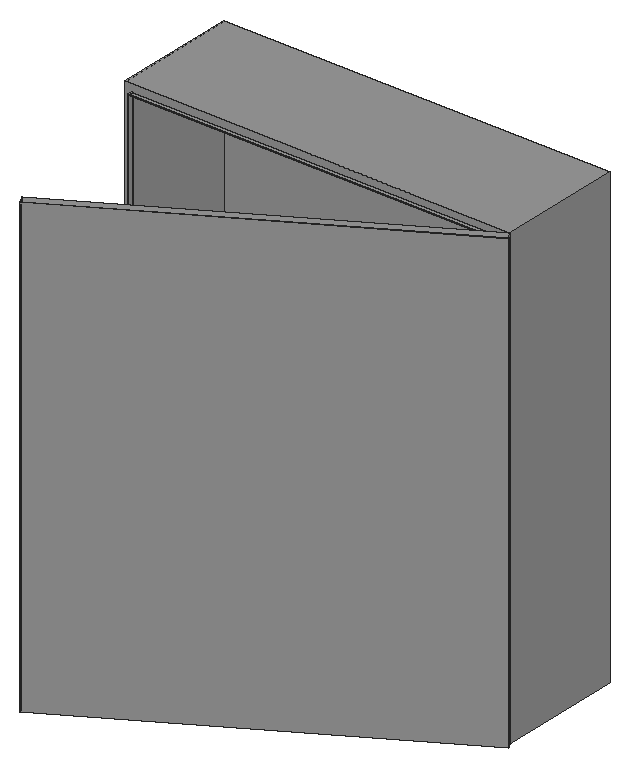
Revit family "Hager-Univers-IP55-D275-H950-Cl.II-Steel_encl-NoHosted-DE-de", category Equipement électrique, Revit 2020
Family settings
  Configuration du panneau = Deux colonnes, circuits au sein
  Cote de connecteur circulaire = Utiliser le diamètre
  Type d'élément = Tableau de raccordement
  Basée sur le plan de construction = Oui
  Toujours verticalement = Oui
  Couper avec des vides une fois chargée = Non
  Partagée = Non
  Point de calcul de pièce = Non
Parameters (values of type "Aufputz IP55 B800 H950 T275  - FR63S")
  Width Control [instance] = if([EF000008 - Breite] > Min Width, [EF000008 - Breite], Min Width)  # 800 mm
  Commentaires du type = [HG000003 - Bereich]  # "Univers"
  Thickness Door [instance] = if([EF009171 - Materialstärke Tür/Deckel] > 3 mm, 3 mm, [EF009171 - Materialstärke Tür/Deckel])  # 1.5 mm
  Seal Frame Offset [instance] = 17 mm  # constant formula
  Plinth Visibility [instance] = [HG000027 - Sockelhöhe] > 0 mm  # no
  Min Width [instance] = 100 mm  # constant formula
  Min Depth [instance] = (2 * [EF009170 - Materialstärke Gehäuse]) + 1 mm  # 4 mm
  Min Height [instance] = 100 mm  # constant formula
  Internal Frame Depth [instance] = (Door System Depth * 0.5)  # 9 mm
  Panel Name [instance] = ""  # (empty or 0)
  Model = ""
  HG000027 - Sockelhöhe = 0 mm
  HG000026 - Stehend auf dem Boden = no
  HG000024 - Höhe des unteren Teils = 600 mm
  HG000023 - Gehäuse mit doppeltem Querschnitt = no
  HG000016 - 3D-Türsichtbarkeit [instance] = yes
  HG000015 - Sichtbarkeit der Türöffnung [instance] = no
  HG000014 - Tür rechts [instance] = yes
  HG000013 - Tür links [instance] = not([HG000014 - Tür rechts])  # no
  HG000012 - Türschwenkwinkel [instance] = 30.00°
  HG000010 - Asymmetrische Türen = no
  HG000009 - Doppelflügeligen Tür = no
  HG000006 - Unterputz = no
  HG000004 - Herstellerreferenz = "FR63S"
  HG000003 - Bereich = "Univers"
  HG000002 - Mit tür = yes
  Frame Offset Bottom [instance] = 10 mm  # constant formula
  Frame Offset [instance] = 15 mm  # constant formula
  EF015940 - Deckel mit Überdruckentlastung = no
  EF011959 - Schutzart (NEMA) = ""
  EF009554 - Anzahl der Öffnungen für Flanschplatten = 6
  EF009212 - Ausführung Deckel = "EV000116 - geschlossen"
  EF009171 - Materialstärke Tür/Deckel = 1.5 mm
  EF009170 - Materialstärke Gehäuse = 1.5 mm
  EF008873 - Nennstrom (In) = 800 A
  EF007800 - Geeignet für Blitzschutz = no
  EF006306 - Mit Schloss = no
  EF006244 - Transparenter Deckel/Tür = no
  EF005474 - Schutzart (IP) = "EV006420 - IP55"
  EF004464 - Art der Tür = "EV002646 - Einzel"
  EF004427 - Anzahl der Module = 216
  EF004293 - Schlagfestigkeit = "EV008784 - IK10"
  EF003532 - Geeignet für Außengebrauch = no
  EF002950 - Breite in Teilungseinheiten = 24
  EF001613 - Funktionserhalt = "EV000494 - ohne"
  EF001596 - Werkstoff des Gehäuses = "EV000179 - Stahl"
  EF001131 - Innentiefe = 275 mm
  EF001088 - Anbaumöglichkeit = yes
  EF000437 - Anzahl der Leitungseinführungen = 6
  EF000339 - Art der Abdeckung = "EV004216 - Tür"
  EF000266 - Anzahl der Reihen = 6
  EF000218 - Einbautiefe = 0 mm
  EF000118 - Mit Montageplatte = no
  EF000116 - RAL-Nummer = "7035"
  EF000049 - Tiefe = 275 mm
  EF000040 - Höhe = 950 mm
  EF000008 - Breite = 800 mm
  EF000007 - Farbe = "EV000270 - grau"
  EF000003 - Montageart = "EV000384 - Aufputz"
  Door System Leaf Tolerance [instance] = 1.5 mm  # constant formula
  Door System Depth [instance] = 18 mm  # constant formula
  Door Height [instance] = Height Control - [HG000027 - Sockelhöhe]  # 950 mm
  Description = ""
  Default Elevation = 1219.2 mm
  Connector Offset [instance] = Height Control / 2  # 475 mm
  Fabricant = "Hager"  # constant formula
  Height Control [instance] = if([EF000040 - Höhe] > Min Height, [EF000040 - Höhe], Min Height)  # 950 mm
  Depth Control [instance] = if([EF000049 - Tiefe] > Min Depth, [EF000049 - Tiefe], Min Depth)  # 275 mm
  Bottom Top Plate Trim [instance] = 1.5 mm  # constant formula
  Plinth height Ctrl [instance] = if([HG000027 - Sockelhöhe] > 0 mm, [HG000027 - Sockelhöhe], 12 mm)  # 12 mm
Types (5, lengths in mm): name | Width Control | HG000010 - Asymmetrische Türen | HG000009 - Doppelflügeligen Tür | HG000004 - Herstellerreferenz | EF009554 - Anzahl der Öffnungen für Flanschplatten | EF004464 - Art der Tür | EF004427 - Anzahl der Module | EF000437 - Anzahl der Leitungseinführungen | EF000008 - Breite
  Aufputz IP55 B1050 H950 T275  - FR64S | 1050 | no | yes | "FR64S" | 8 | "EV003602 - Doppel" | 288 | 8 | 1050
  Aufputz IP55 B1300 H950 T275  - FR65S | 1300 | yes | yes | "FR65S" | 10 | "EV003602 - Doppel" | 360 | 10 | 1300
  Aufputz IP55 B300 H950 T275  - FR61S | 300 | no | no | "FR61S" | 2 | "EV002646 - Einzel" | 72 | 2 | 300
  Aufputz IP55 B550 H950 T275  - FR62S | 550 | no | no | "FR62S" | 4 | "EV002646 - Einzel" | 144 | 4 | 550
  Aufputz IP55 B800 H950 T275  - FR63S | 800 | no | no | "FR63S" | 6 | "EV002646 - Einzel" | 216 | 6 | 800
Reference planes
  plane 1 "Center (Front/Back)": y = 0
  plane 2: z = 0
  plane 3 "Center (Left/Right)": x = 0
  plane 4: y = 0
  plane 5: y = 0
  plane 6: z = 0
  plane 7: x = -400
  plane 8: x = 400
  plane 9: x = 398.5
  plane 10: x = -398.5
  plane 11: z = 0
  plane 12: z = 1.5
  plane 13: y = -275
  plane 14: y = -1.5
  plane 15: x = 0
  plane 16: y = -257
  plane 17: y = -273.5
  plane 18: y = -255.5
  plane 19: x = -383.5
  plane 20: x = 383.5
  plane 21: z = 11.5
  plane 22: x = -383
  plane 23: x = 383
  plane 24: z = 0
  plane 25: z = 950
  plane 26: z = 950
  plane 27: z = 933.5
  plane 28: z = 948.5
Forms (mm)
  Extrusion 1, solid, material "Hager_Steel_RAL7035_Light_Grey", detail levels medium+fine
    sketch origin (-208.679, -4572, 0) x (-1, 0, 0) y (0, -1, 0)
      loop
        line (191.321, -4315) -> (-608.679, -4315) -> (-608.679, -4572) -> (191.321, -4572) -> (191.321, -4315)
    from 0 to 950
  Extrusion 2, void
    sketch origin (-350.771, -275, 1219.2) x (1, 0, 0) y (0, 0, 1)
      loop
        line (-47.729, -270.7) -> (-47.729, -1217.7) -> (749.271, -1217.7) -> (749.271, -270.7) -> (-47.729, -270.7)
    from -19.5 to -273.5
  Extrusion 3, void
    sketch origin (-290.084, -257, 1219.2) x (1, 0, 0) y (0, 0, 1)
      loop
        line (-93.416, -1207.7) -> (673.584, -1207.7) -> (673.584, -285.7) -> (-93.416, -285.7) -> (-93.416, -1207.7)
    from 0 to -1.5
  Extrusion 4, solid, material "Hager_Steel_RAL7035_Light_Grey", visible <- "Plinth Visibility", detail levels medium+fine
    sketch origin (0, 0, 0) x (1, 0, 0) y (0, 1, 0)
      loop
        line (-400, 0) -> (-400, -257) -> (400, -257) -> (400, 0) -> (-400, 0)
    from 0 to 12 <- "Plinth height Ctrl"
  Extrusion 5, solid, material "Hager_Steel_RAL7035_Light_Grey", detail levels coarse
    sketch origin (0, 0, 0) x (1, 0, 0) y (0, 1, 0)
      loop
        line (-400, 0) -> (-400, -275) -> (400, -275) -> (400, 0) -> (-400, 0)
    from 0 to 950 <- "Height Control"
  Sweep 6, void
    path in 3D
      loop
        line (-400, -257, 12) -> (400, -257, 12) -> (400, 0, 12) -> (-400, 0, 12) -> (-400, -257, 12)
    profile origin (-400, -128.5, 12) x (1, 0, 0) y (0, 0, 1)
      loop
        line (0, 0) -> (0, -1.5) -> (1.5, -1.5)
        arc (1.5, -1.5) -> (1.061, -0.439) -> (0, 0) r 1.5
  Extrusion 7, solid, material "Hager_Steel_RAL7035_Light_Grey", detail levels fine
    sketch origin (-400, -257, 0) x (1, 0, 0) y (0, 0, 1)
      loop
        line (16.5, 11.5) -> (783.5, 11.5) -> (783.5, 933.5) -> (16.5, 933.5) -> (16.5, 11.5)
      loop
        line (15, 10) -> (785, 10) -> (785, 935) -> (15, 935) -> (15, 10)
    from 0 to 9 <- "Internal Frame Depth"
Cuts and joins
  Extrusion 2, Extrusion 3 cuts Extrusion 1
  Sweep 6 cuts Extrusion 4
Lines and regions (mm)
  Masking region 1
    outline origin (0, 0, 0) x (1, 0, 0) y (0, 1, 0)
      loop
        line (-400, 0) -> (-400, -275) -> (400, -275) -> (400, 0) -> (-400, 0)
  Masking region 2, detail levels coarse
    outline origin (-290.084, -257, 1219.2) x (-1, 0, 0) y (0, 0, 1)
      loop
        line (-690.084, -1219.2) -> (109.916, -1219.2) -> (109.916, -269.2) -> (-690.084, -269.2) -> (-690.084, -1219.2)
  Masking region 3, detail levels coarse
    outline origin (0, 0, 0) x (0, 1, 0) y (0, 0, 1)
      loop
        line (0, 0) -> (0, 950) -> (-275, 950) -> (-275, 0) -> (0, 0)
  Masking region 4, visible <- "Plinth Visibility", detail levels medium+fine
    outline origin (0, 0, 0) x (0, 1, 0) y (0, 0, 1)
      loop
        line (-1.5, 12) -> (-255.5, 12)
        arc (-255.5, 12) -> (-255.939, 10.939) -> (-257, 10.5) r 1.5
        line (-257, 10.5) -> (-257, 0) -> (0, 0) -> (0, 10.5)
        arc (0, 10.5) -> (-1.061, 10.939) -> (-1.5, 12) r 1.5
  Masking region 5, detail levels medium+fine
    outline origin (0, 0, 594.038) x (0, 1, 0) y (0, 0, 1)
      loop
        line (0, -594.038) -> (0, 355.962) -> (-257, 355.962) -> (-257, -594.038) -> (0, -594.038)
  Masking region 6, detail levels medium+fine
    outline origin (-359.7, -257, 1211.883) x (-1, 0, 0) y (0, 0, 1)
      loop
        line (-759.7, -1211.883) -> (40.3, -1211.883) -> (40.3, -261.883) -> (-759.7, -261.883) -> (-759.7, -1211.883)
  Masking region 7, visible <- "Plinth Visibility", detail levels medium+fine
    outline origin (-320.334, -257, 1041.368) x (-1, 0, 0) y (0, 0, 1)
      loop
        line (-720.334, -1041.368) -> (79.666, -1041.368) -> (79.666, -1030.868)
        arc (79.666, -1030.868) -> (78.606, -1030.429) -> (78.166, -1029.368) r 1.5
        line (78.166, -1029.368) -> (-718.834, -1029.368)
        arc (-718.834, -1029.368) -> (-719.273, -1030.429) -> (-720.334, -1030.868) r 1.5
        line (-720.334, -1030.868) -> (-720.334, -1041.368)
  sketch lines
    curve 1: line (-400, 0, 12) -> (-400, -257, 12)
    curve 2: line (-400, -257, 12) -> (400, -257, 12)
    curve 3: line (400, 0, 12) -> (-400, 0, 12)
    curve 4: line (400, -257, 12) -> (400, 0, 12)
Dimensions and locks
  locked: plane 1 "Center (Front/Back)" to plane 5
  "EF009170 - Materialstärke Gehäuse": plane 7 to plane 10
  "EF009170 - Materialstärke Gehäuse": plane 8 to plane 9
  equal spacing: plane 7, plane 3 "Center (Left/Right)", plane 8
  "Width Control": plane 7 to plane 8
  "Depth Control": plane 4 to plane 13
  "EF009170 - Materialstärke Gehäuse": plane 4 to plane 14
  "Height Control": plane 25 to level
  "HG000027 - Sockelhöhe": plane 11 to level
  "EF009170 - Materialstärke Gehäuse": plane 12 to plane 11
  "EF009170 - Materialstärke Gehäuse": plane 17 to plane 13
  "EF009170 - Materialstärke Gehäuse": plane 18 to plane 16
  "Frame Offset Bottom": plane 21 to plane 12
  "Frame Offset": plane 10 to plane 19
  "Frame Offset": plane 9 to plane 20
  "Door System Depth": plane 16 to plane 13
  "Seal Frame Offset": plane 7 to plane 22
  "Seal Frame Offset": plane 8 to plane 23
  "EF009170 - Materialstärke Gehäuse": plane 26 to plane 28
  "Frame Offset": plane 28 to plane 27
  "Connector Offset": plane 2 to connector elem
  "Bottom Top Plate Trim": profile plane to Sweep 6 sketch curve
  "Bottom Top Plate Trim": Sweep 6 sketch curve to Sweep 6 sketch curve
  "Plinth height Ctrl": Masking region 4 sketch curve to level
  "Plinth height Ctrl": Masking region 7 sketch curve to level
  "Thickness Door": Extrusion 7 sketch curve to Extrusion 7 sketch curve  (x4)
  "Bottom Top Plate Trim": radius of Sweep 6 sketch curve
  "Bottom Top Plate Trim": radius of Masking region 4 sketch curve  (x2)
  "Bottom Top Plate Trim": radius of Masking region 7 sketch curve  (x2)
  aligned and locked: Extrusion 2 sketch curve to plane 12
  aligned and locked: Extrusion 2 sketch curve to plane 9
  aligned and locked: Extrusion 2 sketch curve to plane 10
  aligned and locked: Extrusion 2 to plane 14
  aligned and locked: Extrusion 1 sketch curve to plane 4
  aligned and locked: plane 8 to Extrusion 1 sketch curve
  aligned and locked: plane 7 to Extrusion 1 sketch curve
  aligned and locked: Extrusion 2 to plane 18
  aligned and locked: Extrusion 3 sketch curve to plane 19
  aligned and locked: plane 20 to Extrusion 3 sketch curve
  aligned and locked: Extrusion 3 to Extrusion 2
  aligned and locked: Extrusion 3 sketch curve to plane 21
  aligned and locked: plane 3 "Center (Left/Right)" to nested 1
  aligned and locked: Extrusion 1 sketch curve to plane 16
  aligned and locked: Extrusion 4 sketch curve to cut or joined group of Extrusion 1, Extrusion 2, Extrusion 3
  aligned and locked: Masking region 1 sketch curve to plane 7
  aligned and locked: Masking region 1 sketch curve to plane 5
  aligned and locked: Masking region 1 sketch curve to plane 8
  aligned and locked: Masking region 2 sketch curve to level
  aligned and locked: level to Masking region 3 sketch curve
  aligned and locked: plane 1 "Center (Front/Back)" to Masking region 3 sketch curve
  aligned and locked: plane 13 to Masking region 3 sketch curve
  aligned and locked: plane 5 to Masking region 4 sketch curve
  aligned and locked: Masking region 2 sketch curve to plane 8
  aligned and locked: Masking region 2 sketch curve to plane 7
  aligned and locked: plane 7 to nested 2
  aligned and locked: nested 2 to plane 5
  aligned and locked: plane 5 to Masking region 5 sketch curve
  aligned and locked: plane 26 to Masking region 5 sketch curve
  aligned and locked: Extrusion 5 sketch curve to plane 8
  aligned and locked: Extrusion 5 sketch curve to plane 7
  aligned and locked: Extrusion 5 sketch curve to plane 5
  aligned and locked: Extrusion 3 sketch curve to plane 27
  aligned and locked: Extrusion 2 sketch curve to plane 28
  aligned and locked: Masking region 2 to plane 25
  aligned and locked: Extrusion 4 to plane 16
  aligned and locked: profile plane to Sweep 6 sketch curve
  aligned and locked: Masking region 5 sketch curve to plane 24
  aligned and locked: level to Masking region 4 sketch curve
  aligned and locked: Masking region 1 to plane 13
  aligned and locked: nested 1 to plane 16
  aligned and locked: Masking region 3 to plane 25
  aligned and locked: plane 16 to Masking region 4 sketch curve
  aligned and locked: Masking region 5 sketch curve to plane 16
  aligned and locked: plane 24 to plane 11
  aligned and locked: plane 26 to plane 25
  aligned and locked: plane 26 to cut or joined group of Extrusion 1, Extrusion 2, Extrusion 3
  aligned and locked: nested 1 to plane 24
  aligned and locked: Extrusion 1 to Extrusion 3
  aligned and locked: Masking region 6 sketch curve to plane 8
  aligned and locked: Masking region 6 sketch curve to plane 24
  aligned and locked: Masking region 6 sketch curve to plane 7
  aligned and locked: Masking region 6 sketch curve to plane 26
  aligned and locked: Masking region 7 sketch curve to plane 7
  aligned and locked: level to Masking region 7 sketch curve
  aligned and locked: Masking region 7 sketch curve to plane 8
  aligned and locked: Extrusion 7 sketch curve to cut or joined group of Extrusion 1, Extrusion 2, Extrusion 3  (x4)
Automatic sketch dimensions
  plane 19 to Extrusion 3 sketch curve = 0 mm
  Extrusion 3 sketch curve to plane 20 = 0 mm
  Extrusion 3 sketch curve to plane 21 = 0 mm
  Extrusion 4 sketch curve to plane 7 = 0 mm
  Extrusion 4 sketch curve to plane 8 = 0 mm
  Extrusion 4 sketch curve to plane 16 = 0 mm
  Masking region 1 sketch curve to plane 13 = 0 mm
  Masking region 2 sketch curve to plane 25 = 0 mm
  Masking region 3 sketch curve to plane 25 = 0 mm
  Extrusion 5 sketch curve to plane 13 = 0 mm
  profile plane to Sweep 6 sketch curve = 0 mm
Nested families
  nested 1: "EC000058_Univers_Door" at (0, -257, 0), Double <- "HG000009 - Doppelflügeligen Tür", Transparent <- "EF006244 - Transparenter Deckel/Tür", Angle <- "HG000012 - Türschwenkwinkel", Door_Right <- "HG000014 - Tür rechts", Assymetrical <- "HG000010 - Asymmetrische Türen", Door <- "HG000002 - Mit tür", Width_Ctrl <- "Width Control", 3d_Door <- "HG000016 - 3D-Türsichtbarkeit", Clearance <- "HG000015 - Sichtbarkeit der Türöffnung", Door_Left <- "HG000013 - Tür links", Width <- "Width Control", Door_Depth <- "Door System Depth", Leaf_Tolerance <- "Door System Leaf Tolerance", Height <- "Door Height", Lock_Visibility <- "EF006306 - Mit Schloss", Thickness <- "Thickness Door", type "EC000058_Univers_Door", detail levels medium+fine
    with min_wh 4 mm, Width_Ctrl 800 mm, Width 800 mm, Transparent no, Thickness 1.5 mm, Seal_Material Hager_Rubber, Lock_Visibility no, Lock_Material Hager_Plastic_RAL9005_Jet_Black, Leaf_Width 800 mm, Leaf_Tolerance_External_Sides 0 mm, Leaf_Tolerance 1.5 mm, Leaf_Offset 0 mm, Leaf_Height 947 mm, Leaf_2_Width 800 mm, Leaf_2_Offset 400 mm, Leaf_1_Width 800 mm, Leaf_1_Offset 400 mm, Height_Ctrl 950 mm, Height 950 mm, Glass_Material Hager_Glass, Double_Clearance_Ctrl no, Double no, Door_Right_Ctrl yes, Door_Right yes, Door_Material Hager_Steel_RAL7035_Light_Grey, Door_Left_Ctrl no, Door_Left no, Door_Depth 18 mm, Door yes, Clearance_Material Hager_Clearance, Clearance_Depth 800 mm, Clearance_Ctrl no, Clearance no, Assymetrical no, Angle 30.00°, 3d_Door yes
  nested 2: "Hager_Enclosure_Symbol" at (-400, 0, 0), Height <- "Depth Control", Width <- "Width Control", type "Hager_Enclosure_Symbol"
    with Width_Ctrl 800 mm, Width 800 mm, Height_Ctrl 275 mm, Height 275 mm, A_Width_Int 18.047 mm, A_Width 216.562 mm, A_Height_Ctrl 240.625 mm, A_Height 240.625 mm
Connectors
  electrical at (0, 0, 475)
    settings: on plane 1 "Center (Front/Back)", index 1, voltage 0 V, apparent load 0 VA, apparent load phase1 0 VA, apparent load phase2 0 VA, apparent load phase3 0 VA, power factor 1, load classification "Other", number of poles 1, system type 30, power factor state 1, is connector primary yes, connector utility no, sub classification motor no, connector description ""
Definition of nested family "EC000058_Univers_Door"
  Parameters (values of type "EC000058_Univers_Door")
    min_wh [instance] = (2 * Thickness) + 1 mm  # 11 mm
    Width_Ctrl [instance] = 400 mm
    Width [instance] = 500 mm
    Transparent [instance] = yes
    Thickness [instance] = 5 mm
    Seal_Material [instance] = none
    Lock_Visibility [instance] = yes
    Lock_Material [instance] = none
    Leaf_Width [instance] = if((Width_Ctrl - 2 * Leaf_Tolerance_External_Sides) > 0 mm, (Width_Ctrl - 2 * Leaf_Tolerance_External_Sides), min_wh)  # 400 mm
    Leaf_Tolerance_External_Sides [instance] = 0 mm  # constant formula
    Leaf_Tolerance [instance] = 1.5 mm
    Leaf_Offset [instance] = 0 mm  # constant formula
    Leaf_Height [instance] = if((Height_Ctrl - 2 * Leaf_Tolerance) > 0 mm, (Height_Ctrl - 2 * Leaf_Tolerance), min_wh)  # 497 mm
    Leaf_2_Width [instance] = if(and(and(Double, Assymetrical), Door_Left), (Leaf_Width / 3) - (Leaf_Tolerance / 2), if(and(and(Double, Assymetrical), Door_Right), (Leaf_Width / 3) * 2 - (Leaf_Tolerance / 2), if(and(Double, not(Assymetrical)), (Leaf_Width / 2) - Leaf_Tolerance, Leaf_Width)))  # 400 mm
    Leaf_2_Offset [instance] = if(and(Double, Assymetrical), Leaf_2_Width / 2, if(and(Double, not(Assymetrical)), Leaf_Width / 4, Leaf_Width / 2))  # 200 mm
    Leaf_1_Width [instance] = if(and(and(Double, Assymetrical), Door_Right), (Leaf_Width / 3) - (Leaf_Tolerance / 2), if(and(and(Double, Assymetrical), Door_Left), (Width / 3) * 2 - (Leaf_Tolerance / 2), if(and(Double, not(Assymetrical)), (Leaf_Width / 2) - Leaf_Tolerance, Leaf_Width)))  # 400 mm
    Leaf_1_Offset [instance] = if(and(Double, Assymetrical), Leaf_1_Width / 2, if(and(Double, not(Assymetrical)), Leaf_Width / 4, Leaf_Width / 2))  # 200 mm
    Height_Ctrl [instance] = if(Height > min_wh, Height, min_wh)  # 500 mm
    Height [instance] = 500 mm
    Glass_Material [instance] = none
    Double_Clearance_Ctrl [instance] = and(Double, Clearance)  # no
    Double [instance] = no
    Door_Right_Ctrl [instance] = and(or(Door_Right, Double), Door)  # yes
    Door_Right [instance] = yes
    Door_Material [instance] = none
    Door_Left_Ctrl [instance] = and(or(Door_Left, Double), Door)  # no
    Door_Left [instance] = no
    Door_Depth [instance] = 30 mm
    Door [instance] = yes
    Default Elevation = 1219.2 mm
    Clearance_Material [instance] = none
    Clearance_Depth [instance] = if(Leaf_1_Width > Leaf_2_Width, Leaf_1_Width, Leaf_2_Width)  # 400 mm
    Clearance_Ctrl [instance] = and(not(Double), Clearance)  # yes
    Clearance [instance] = yes
    Assymetrical [instance] = yes
    Angle [instance] = 30.00°
    3d_Door [instance] = yes
  Reference planes
    plane 1 "Center (Front/Back)": y = 0
    plane 2 "Bottom": z = 0
    plane 3 "Center (Left/Right)": x = 0
    plane 4: z = 500
    plane 5: x = -200
    plane 6: x = 200
    plane 7: z = 500
    plane 8: x = -200
    plane 9: z = 0
    plane 10: x = 200
    plane 11: y = 0
    plane 12: z = 1.5
    plane 13: x = -600
    plane 14: y = -400
    plane 15: x = 600
    plane 16: x = 0
    plane 17: x = 0
    plane 18: x = -200
    plane 19: x = 200
    plane 20: z = 498.5
  Forms (mm)
    Extrusion 1, solid, material <- "Clearance_Material", visible <- "Double_Clearance_Ctrl"
      sketch origin (1200, 0, 0) x (1, 0, 0) y (0, 0, -1)
        loop
          line (-1800, -498.5) -> (-600, -498.5) -> (-600, 0) -> (-1800, 0) -> (-1800, -498.5)
      from 0 to -400
  Dimensions and locks
    equal spacing: plane 5, plane 3 "Center (Left/Right)", plane 6
    "Width_Ctrl": plane 5 to plane 6
    "Leaf_Offset": plane 5 to plane 8
    "Leaf_Offset": plane 6 to plane 10
    "Leaf_Offset": plane 9 to level
    "Leaf_Offset": plane 4 to plane 7
    "Height_Ctrl": plane 4 to level
    "Leaf_Tolerance": plane 12 to plane 9
    locked: plane 11 to plane 1 "Center (Front/Back)"
    "Leaf_1_Offset": plane 18 to plane 16
    "Leaf_2_Offset": plane 17 to plane 19
    "Leaf_1_Width": plane 13 to plane 8
    "Leaf_2_Width": plane 10 to plane 15
    "Clearance_Depth": plane 14 to plane 1 "Center (Front/Back)"
    "Leaf_Tolerance_External_Sides": plane 8 to plane 18
    "Leaf_Tolerance_External_Sides": plane 19 to plane 10
    "Leaf_Tolerance": plane 7 to plane 20
    aligned and locked: level to plane 2 "Bottom"
    aligned and locked: nested 1 to plane 16
    aligned and locked: nested 2 to plane 17
    aligned and locked: Extrusion 1 to plane 13
    aligned and locked: plane 15 to Extrusion 1
    aligned and locked: Extrusion 1 to plane 14
    aligned and locked: plane 12 to nested 1
    aligned and locked: nested 2 to plane 12
    aligned and locked: Extrusion 1 to plane 11
    aligned and locked: plane 20 to Extrusion 1
    aligned and locked: nested 2 to plane 11
    aligned and locked: nested 1 to plane 11
  Automatic sketch dimensions
    Extrusion 1 sketch curve to level = 0 mm
    plane 5 to Extrusion 1 sketch curve = 400 mm
    plane 6 to Extrusion 1 sketch curve = 400 mm
    Extrusion 1 sketch curve to plane 4 = 1.5 mm
  Nested families
    nested 1: "EC000058_Univers_Door_Leaf" at (0, 0, 1.5), Width <- "Leaf_1_Width", visible <- "Door_Left_Ctrl", Leaf_Height <- "Leaf_Height", Angle <- "Angle", 3d_Door <- "3d_Door", Transparent <- "Transparent", Clearance Material <- "Clearance_Material", Clearance <- "Clearance_Ctrl", Door_Material <- "Door_Material", Glass_Material <- "Glass_Material", Door_Depth <- "Door_Depth", Lock_Material <- "Lock_Material", Seal_Material <- "Seal_Material", Lock_Visibility <- "Lock_Visibility", Thickness <- "Thickness", type "EC000058_Univers_Door_Leaf"
      with Width 400 mm, Transparent_Glass_Offset 30 mm, Transparent_Ctrl yes, Transparent yes, Thickness 5 mm, Standard no, Seal_Material none, Seal_D2 8 mm, Seal_D1 1 mm, Offset_Internal_Frame 10 mm, Lock_Width 20 mm, Lock_Visibility_3d yes, Lock_Visibility yes, Lock_Thickness_3 3 mm, Lock_Thickness_2 1 mm, Lock_Thickness_1 3 mm, Lock_Radius_Offset_2 16 mm, Lock_Radius_Offset_1 15 mm, Lock_Radius_2 5 mm, Lock_Radius 6 mm, Lock_Offset 5 mm, Lock_Material none, Lock_Height 80 mm, Lock_Cover_Top_Offset_2d 17 mm, Lock_Cover_Height -65 mm, Leaf_Height 497 mm, Internal_Seal_Thickness 8 mm, Internal_Seal_Depth_2 4.5 mm, Internal_Frame_Depth 25 mm, Glass_Thickness -1 mm, Glass_Offset -2 mm, Glass_Material none, Door_Material none, Door_Depth 30 mm, Clearance Material none, Clearance yes, Angle_Ctrl 30.00°, Angle 30.00°, 3d_Door yes
    nested 2: "EC000058_Univers_Door_Leaf" at (0, 0, 1.5) x (-1, 0, 0) z (0, 0, 1), Width <- "Leaf_2_Width", visible <- "Door_Right_Ctrl", Leaf_Height <- "Leaf_Height", Angle <- "Angle", 3d_Door <- "3d_Door", Transparent <- "Transparent", Clearance Material <- "Clearance_Material", Clearance <- "Clearance_Ctrl", Door_Material <- "Door_Material", Glass_Material <- "Glass_Material", Door_Depth <- "Door_Depth", Lock_Material <- "Lock_Material", Seal_Material <- "Seal_Material", Lock_Visibility <- "Lock_Visibility", Thickness <- "Thickness", type "EC000058_Univers_Door_Leaf"
      with Width 400 mm, Transparent_Glass_Offset 30 mm, Transparent_Ctrl yes, Transparent yes, Thickness 5 mm, Standard no, Seal_Material none, Seal_D2 8 mm, Seal_D1 1 mm, Offset_Internal_Frame 10 mm, Lock_Width 20 mm, Lock_Visibility_3d yes, Lock_Visibility yes, Lock_Thickness_3 3 mm, Lock_Thickness_2 1 mm, Lock_Thickness_1 3 mm, Lock_Radius_Offset_2 16 mm, Lock_Radius_Offset_1 15 mm, Lock_Radius_2 5 mm, Lock_Radius 6 mm, Lock_Offset 5 mm, Lock_Material none, Lock_Height 80 mm, Lock_Cover_Top_Offset_2d 17 mm, Lock_Cover_Height -65 mm, Leaf_Height 497 mm, Internal_Seal_Thickness 8 mm, Internal_Seal_Depth_2 4.5 mm, Internal_Frame_Depth 25 mm, Glass_Thickness -1 mm, Glass_Offset -2 mm, Glass_Material none, Door_Material none, Door_Depth 30 mm, Clearance Material none, Clearance yes, Angle_Ctrl 30.00°, Angle 30.00°, 3d_Door yes
  Definition of nested family "EC000058_Univers_Door_Leaf"
    Parameters (values of type "EC000058_Univers_Door_Leaf")
      Width [instance] = 2000 mm
      Transparent_Glass_Offset [instance] = 30 mm
      Transparent_Ctrl [instance] = and(Transparent, [3d_Door])  # yes
      Transparent [instance] = yes
      Thickness [instance] = 5 mm
      Standard [instance] = and(not(Transparent), [3d_Door])  # no
      Seal_Material [instance] = none
      Seal_D2 [instance] = 8 mm  # constant formula
      Seal_D1 [instance] = 1 mm  # constant formula
      Offset_Internal_Frame [instance] = 10 mm  # constant formula
      Lock_Width [instance] = 20 mm  # constant formula
      Lock_Visibility_3d [instance] = and(Lock_Visibility, [3d_Door])  # yes
      Lock_Visibility [instance] = yes
      Lock_Thickness_3 [instance] = 3 mm  # constant formula
      Lock_Thickness_2 [instance] = 1 mm  # constant formula
      Lock_Thickness_1 [instance] = 3 mm  # constant formula
      Lock_Radius_Offset_2 [instance] = Lock_Radius_Offset_1 + 1 mm  # 16 mm
      Lock_Radius_Offset_1 [instance] = 15 mm  # constant formula
      Lock_Radius_2 [instance] = Lock_Radius - 1 mm  # 5 mm
      Lock_Radius [instance] = 6 mm  # constant formula
      Lock_Offset [instance] = 5 mm  # constant formula
      Lock_Material [instance] = none
      Lock_Height [instance] = 80 mm  # constant formula
      Lock_Cover_Top_Offset_2d [instance] = Lock_Radius_Offset_2 + 1 mm  # 17 mm
      Lock_Cover_Height [instance] = -(Lock_Height - Lock_Radius_Offset_1)  # -65 mm
      Leaf_Height [instance] = 2720.336 mm
      Internal_Seal_Thickness [instance] = 8 mm  # constant formula
      Internal_Seal_Depth_2 [instance] = 4.5 mm  # constant formula
      Internal_Frame_Depth [instance] = if(Door_Depth - Thickness > 5 mm, Door_Depth - Thickness, 5 mm)  # 25 mm
      Glass_Thickness [instance] = if(Thickness > 15 mm, Glass_Offset + 10 mm, -1 mm)  # -1 mm
      Glass_Offset [instance] = if(Thickness > 15 mm, -(Thickness + 10 mm) / 2, -2 mm)  # -2 mm
      Glass_Material [instance] = none
      Door_Material [instance] = none
      Door_Depth [instance] = 30 mm
      Default Elevation = 0 mm
      Clearance Material [instance] = none
      Clearance [instance] = yes
      Angle_Ctrl [instance] = if(Angle > 180.00°, 180.00°, Angle)  # 90.00°
      Angle [instance] = 90.00°
      3d_Door [instance] = yes
    Reference planes
      plane 1 "Center (Front/Back)": y = 0
      plane 2: z = 0
      plane 3 "Center (Left/Right)": x = 0
      plane 4: y = 2000
      plane 5: x = -1000
      plane 6: x = 1000
      plane 7: x = -3000
      plane 8: z = 2720.336
      plane 9: z = 30
      plane 10: z = 2690.336
      plane 11: x = 970
      plane 12: x = -970
      plane 13: y = -3
      plane 14: z = 107.833
      plane 15: y = -5
      plane 16: y = -223.314
      plane 17: x = -1000
      plane 18: z = 1360.168
      plane 19: y = 30
    Forms (mm)
      Extrusion 1, solid, material <- "Clearance Material", visible <- "Clearance"
        sketch origin (0, 0, 0) x (1, 0, 0) y (0, 0, 1)
          loop
            line (-3000, 2720.336) -> (-3000, 0) -> (1000, 0) -> (1000, 2720.336) -> (-3000, 2720.336)
        from 0 to -2000
      Extrusion 2, solid, material <- "Door_Material", visible <- "Standard", detail levels medium+fine
        sketch origin (-1000, 0, 0) x (0, 1, 0) y (-1, 0, 0)
          loop
            line (0, 30) -> (0, 25) -> (2000, 25) -> (2000, 30) -> (0, 30)
        from 0 to 2720.336 <- "Leaf_Height"
      Extrusion 3, solid, material <- "Door_Material", visible <- "Transparent_Ctrl", detail levels medium+fine
        sketch origin (-1000, 0, 0) x (0, 1, 0) y (-1, 0, 0)
          loop
            line (0, 25) -> (2000, 25) -> (2000, 30) -> (0, 30) -> (0, 25)
        from 0 to 2720.336 <- "Leaf_Height"
      Extrusion 4, void
        sketch origin (-1025, 2000, 0) x (0, 1, 0) y (0, 0, -1)
          loop
            line (-30, -2690.336) -> (-30, -30) -> (-1970, -30) -> (-1970, -2690.336) -> (-30, -2690.336)
        from 0 to 5 <- "Thickness"
      Sweep 5, solid, material <- "Seal_Material", visible <- "Transparent_Ctrl", detail levels fine
        path in 3D
          loop
            line (-1025, 30, 30) -> (-1025, 30, 2690.336) -> (-1025, 1970, 2690.336) -> (-1025, 1970, 30) -> (-1025, 30, 30)
        profile origin (-1025, 1000, 30) x (1, 0, 0) y (0, 0, 1)
          loop
            line (0, 0) -> (0, -8) -> (1, -8) -> (1, 0) -> (0, 0)
      Extrusion 6, solid, material <- "Glass_Material", visible <- "Transparent_Ctrl", detail levels medium+fine
        sketch origin (-1030, 0, 0) x (0, 1, 0) y (0, 0, -1)
          loop
            line (1970, -2690.336) -> (1970, -30) -> (30, -30) -> (30, -2690.336) -> (1970, -2690.336)
        from -2 <- "Glass_Offset" to -1 <- "Glass_Thickness"
      Extrusion 7, solid, material <- "Door_Material", visible <- "3d_Door", detail levels medium+fine
        sketch origin (-1025, 2000, 0) x (0, -1, 0) y (0, 0, -1)
          loop
            line (0, -2720.336) -> (2000, -2720.336) -> (2000, 0) -> (0, 0) -> (0, -2720.336)
          loop
            line (1995, -5) -> (5, -5) -> (5, -2715.336) -> (1995, -2715.336) -> (1995, -5)
        from 0 to 25 <- "Internal_Frame_Depth"
      Sweep 8, solid, material <- "Seal_Material", visible <- "Transparent_Ctrl", detail levels fine
        path in 3D
          loop
            line (-1025, 0, 0) -> (-1025, 2000, 0) -> (-1025, 2000, 2720.336) -> (-1025, 0, 2720.336) -> (-1025, 0, 0)
        profile origin (-1025, 0, 1360.168) x (1, 0, 0) y (0, 1, 0)
          loop
            line (0, 10) -> (2.975, 10)
            arc (2.975, 10) -> (4.053, 10.447) -> (4.5, 11.525) r 1.525
            line (4.5, 11.525) -> (4.5, 16.527)
            arc (4.5, 16.527) -> (4.069, 17.569) -> (3.027, 18) r 1.473
            line (3.027, 18) -> (0, 18) -> (0, 10)
      Extrusion 9, solid, material <- "Lock_Material", visible <- "Lock_Visibility_3d", detail levels fine
        sketch origin (-1030, 0, 0) x (0, 1, 0) y (0, 0, -1)
          loop
            arc (1993.5, -1400.168) -> (1994.561, -1399.729) -> (1995, -1398.668) r 1.5
            line (1995, -1398.668) -> (1995, -1320.168) -> (1975, -1320.168) -> (1975, -1398.668)
            arc (1975, -1398.668) -> (1975.439, -1399.729) -> (1976.5, -1400.168) r 1.5
            line (1976.5, -1400.168) -> (1993.5, -1400.168)
        from 3 <- "Lock_Thickness_1" to 0
      Blend 10, solid, material <- "Lock_Material", visible <- "Lock_Visibility_3d", detail levels fine
        base sketch origin (-1033, 0, 0) x (0, 1, 0) y (0, 0, -1)
          loop
            line (1975, -1320.168) -> (1975, -1398.668)
            arc (1975, -1398.668) -> (1975.439, -1399.729) -> (1976.5, -1400.168) r 1.5
            line (1976.5, -1400.168) -> (1993.5, -1400.168)
            arc (1993.5, -1400.168) -> (1994.561, -1399.729) -> (1995, -1398.668) r 1.5
            line (1995, -1398.668) -> (1995, -1320.168) -> (1975, -1320.168)
        top sketch origin (-1033, 0, 0) x (0, 1, 0) y (0, 0, -1)
          loop
            line (1976, -1320.168) -> (1976, -1398.668)
            arc (1976, -1398.668) -> (1976.146, -1399.022) -> (1976.5, -1399.168) r 0.5
            line (1976.5, -1399.168) -> (1993.5, -1399.168)
            arc (1993.5, -1399.168) -> (1993.854, -1399.022) -> (1994, -1398.668) r 0.5
            line (1994, -1398.668) -> (1994, -1320.168) -> (1976, -1320.168)
        from 0 to 1 <- "Lock_Thickness_2"
      Blend 11, solid, material <- "Lock_Material", visible <- "Lock_Visibility_3d", detail levels fine
        base sketch origin (-1034, 0, 0) x (0, 1, 0) y (0, 0, -1)
          loop
            line (1978, -1320.168) -> (1978, -1384.168)
            arc (1978, -1384.168) -> (1985, -1391.168) -> (1992, -1384.168) r 7
            line (1992, -1384.168) -> (1992, -1320.168) -> (1978, -1320.168)
        top sketch origin (-1034, 0, 0) x (0, 1, 0) y (0, 0, -1)
          loop
            line (1991, -1320.168) -> (1979, -1320.168) -> (1979, -1383.168)
            arc (1979, -1383.168) -> (1985, -1389.168) -> (1991, -1383.168) r 6
            line (1991, -1383.168) -> (1991, -1320.168)
        from 0 to 3 <- "Lock_Thickness_3"
      Extrusion 12, solid, material <- "Lock_Material", visible <- "Lock_Visibility_3d", detail levels fine
        sketch origin (-1030, 1975, 1320.168) x (1, 0, 0) y (0, -1, 0)
          loop
            line (-7, -19) -> (-7, -1) -> (0, -1) -> (0, 0) -> (-8, 0) -> (-8, -20) -> (0, -20) -> (0, -19) -> (-7, -19)
        from 0 to -65 <- "Lock_Cover_Height"
      Extrusion 13, void
        sketch origin (-1038, 1995, 1320.168) x (-1, 0, 0) y (0, 0, -1)
          loop
            line (-5, -65) -> (0, -65) -> (-5, -60) -> (-5, -65)
        from 0 to 20 <- "Lock_Width"
      Extrusion 14, void
        sketch origin (-1038, 1975, 1320.168) x (0, -1, 0) y (0, 0, -1)
          loop
            circle (-10, -15.995) r 6
          loop
            circle (-10, -15.995) r 5
        from 0 to 2
      Extrusion 15, solid, material <- "Lock_Material", visible <- "Lock_Visibility_3d", detail levels medium
        sketch origin (-1030, 0, 0) x (0, 1, 0) y (0, 0, -1)
          loop
            arc (1993.5, -1400.168) -> (1994.561, -1399.729) -> (1995, -1398.668) r 1.5
            line (1995, -1398.668) -> (1995, -1320.168) -> (1975, -1320.168) -> (1975, -1398.668)
            arc (1975, -1398.668) -> (1975.439, -1399.729) -> (1976.5, -1400.168) r 1.5
            line (1976.5, -1400.168) -> (1993.5, -1400.168)
        from 8 to 0
    Cuts and joins
      Extrusion 4 cuts Extrusion 3
      Extrusion 13, Extrusion 14 cuts Extrusion 9
      Extrusion 14 cuts Blend 11
      Extrusion 13, Extrusion 14 cuts Extrusion 12
      joined: Extrusion 9, Blend 10, Blend 11, Extrusion 12
      Extrusion 14 cuts Extrusion 15
    Lines and regions (mm)
      Masking region 1, visible <- "Lock_Visibility", detail levels fine
        outline origin (0, 0, 0) x (0, 1, 0) y (0, 0, 1)
          loop
            line (30, 1320.168) -> (33, 1320.168) -> (33, 1400.168) -> (30, 1400.168) -> (30, 1320.168)
      Masking region 2, visible <- "Lock_Visibility", detail levels fine
        outline origin (0, 3.143, 0) x (0, 1, 0) y (0, 0, 1)
          loop
            line (29.857, 1354.168) -> (30.857, 1354.168) -> (30.857, 1366.168) -> (29.857, 1366.168) -> (29.857, 1354.168)
      Masking region 3, detail levels medium+fine
        outline origin (0, 0, 0) x (0, 1, 0) y (0, 0, 1)
          loop
            line (0, 0) -> (30, 0) -> (30, 2720.336) -> (0, 2720.336) -> (0, 0)
      Masking region 4, detail levels medium+fine
        outline origin (0, 0, 0) x (1, 0, 0) y (0, 0, 1)
          loop
            line (-1000, 2720.336) -> (-1000, 0) -> (1000, 0) -> (1000, 2720.336) -> (-1000, 2720.336)
      Masking region 5, visible <- "Lock_Visibility", detail levels fine
        outline origin (-47.116, 0, 0) x (1, 0, 0) y (0, 0, 1)
          loop
            arc (1024.616, 1399.168) -> (1023.556, 1398.729) -> (1023.116, 1397.668) r 1.5
            line (1023.116, 1397.668) -> (1023.116, 1320.168) -> (1041.116, 1320.168) -> (1041.116, 1397.668)
            arc (1041.116, 1397.668) -> (1040.677, 1398.729) -> (1039.616, 1399.168) r 1.5
            line (1039.616, 1399.168) -> (1024.616, 1399.168)
      Masking region 6, visible <- "Lock_Visibility", detail levels medium+fine
        outline origin (-25, 0, 0) x (1, 0, 0) y (0, 0, 1)
          loop
            arc (1001.5, 1400.168) -> (1000.439, 1399.729) -> (1000, 1398.668) r 1.5
            line (1000, 1398.668) -> (1000, 1320.168) -> (1020, 1320.168) -> (1020, 1398.668)
            arc (1020, 1398.668) -> (1019.561, 1399.729) -> (1018.5, 1400.168) r 1.5
            line (1018.5, 1400.168) -> (1001.5, 1400.168)
      Masking region 7, visible <- "Lock_Visibility", detail levels fine
        outline origin (-73.735, 0, 0) x (1, 0, 0) y (0, 0, 1)
          loop
            line (1051.735, 1382.168) -> (1065.735, 1382.168) -> (1065.735, 1384.168)
            arc (1065.735, 1384.168) -> (1058.735, 1391.168) -> (1051.735, 1384.168) r 7
            line (1051.735, 1384.168) -> (1051.735, 1382.168)
      Masking region 8, visible <- "Lock_Visibility", detail levels fine
        outline origin (-73.735, 0, 0) x (1, 0, 0) y (0, 0, 1)
          loop
            line (1052.735, 1382.168) -> (1064.735, 1382.168) -> (1064.735, 1383.168)
            arc (1064.735, 1383.168) -> (1058.735, 1389.168) -> (1052.735, 1383.168) r 6
            line (1052.735, 1383.168) -> (1052.735, 1382.168)
      Masking region 9, visible <- "Lock_Visibility", detail levels fine
        outline origin (-25, 0, 0) x (1, 0, 0) y (0, 0, 1)
          loop
            line (1020, 1320.168) -> (1020, 1382.168) -> (1000, 1382.168) -> (1000, 1320.168) -> (1020, 1320.168)
      Masking region 10, detail levels medium+fine
        outline origin (0, 0, 0) x (1, 0, 0) y (0, 0, 1)
          loop
            circle (985, 1335.144) r 6
      Masking region 11, detail levels fine
        outline origin (0, 0, 0) x (1, 0, 0) y (0, 0, 1)
          loop
            circle (985, 1335.144) r 5
      Masking region 12, visible <- "Lock_Visibility", detail levels fine
        outline origin (0, 12.767, 0) x (0, 1, 0) y (0, 0, 1)
          loop
            line (20.233, 1320.168) -> (21.233, 1320.168) -> (21.233, 1399.168) -> (20.233, 1400.168) -> (20.233, 1320.168)
      Masking region 13, visible <- "Lock_Visibility", detail levels fine
        outline origin (0, 13.767, -10) x (0, 1, 0) y (0, 0, 1)
          loop
            line (20.233, 1330.168) -> (23.233, 1330.168) -> (23.233, 1399.168) -> (20.233, 1402.168) -> (20.233, 1330.168)
      Masking region 14, visible <- "Lock_Visibility", detail levels fine
        outline origin (0, 12.767, -10) x (0, 1, 0) y (0, 0, 1)
          loop
            line (20.233, 1330.168) -> (25.233, 1330.168) -> (25.233, 1399.305) -> (20.233, 1394.305) -> (20.233, 1330.168)
      Masking region 15, visible <- "Lock_Visibility", detail levels medium
        outline origin (0, 0, 0) x (0, 1, 0) y (0, 0, 1)
          loop
            line (30, 1320.168) -> (38, 1320.168) -> (38, 1400.168) -> (30, 1400.168) -> (30, 1320.168)
      Masking region 16, visible <- "Lock_Visibility", detail levels fine
        outline origin (-1000, 0, 0) x (0, 1, 0) y (-1, 0, 0)
          loop
            line (1975, 30) -> (1995, 30) -> (1995, 38) -> (1975, 38) -> (1975, 30)
          loop
            line (1979, 37) -> (1976, 37) -> (1976, 34) -> (1978, 34) -> (1979, 37)
          loop
            line (1994, 37) -> (1991, 37) -> (1992, 34) -> (1994, 34) -> (1994, 37)
      Masking region 17, visible <- "Lock_Visibility", detail levels medium
        outline origin (-1000, 0, 0) x (0, 1, 0) y (-1, 0, 0)
          loop
            line (1975, 30) -> (1995, 30) -> (1995, 38) -> (1975, 38) -> (1975, 30)
      symbolic lines
        curve 1: line (1000, 0, 0) -> (-3000, 0, 0)
        curve 2: arc (1000, 0, 0) -> (-1000, 2000, 0) -> (-3000, 0, 0) r 2000
        curve 4: line (-1030, 0, 0) -> (-1030, 2000, 0)
      reference lines
        curve 3: line (-1000, 0, 0) -> (-1000, 2000, 0)
      symbolic lines, detail levels medium+fine
        curve 5: line (-1030, 2000, 0) -> (-1025, 2000, 0)
        curve 7: line (-1025, 0, 0) -> (-1030, 0, 0)
        curve 8: line (-1025, 0, 0) -> (-1000, 0, 0)
        curve 9: line (-1000, 0, 0) -> (-1000, 2000, 0)
        curve 10: line (-1000, 2000, 0) -> (-1025, 2000, 0)
      symbolic lines, detail levels fine
        curve 6: line (-1025, 2000, 0) -> (-1025, 0, 0)
      sketch lines
        curve 11: line (-1025, 0, 2720.336) -> (-1025, 0, 0)
        curve 12: line (-1025, 2000, 0) -> (-1025, 0, 0)
        curve 13: line (-1025, 2000, 2720.336) -> (-1025, 2000, 0)
        curve 14: line (-1025, 0, 2720.336) -> (-1025, 2000, 2720.336)
        curve 15: line (-1025, 1970, 30) -> (-1025, 30, 30)
        curve 16: line (-1025, 30, 30) -> (-1025, 30, 2690.336)
        curve 17: line (-1025, 1970, 2690.336) -> (-1025, 1970, 30)
        curve 18: line (-1025, 30, 2690.336) -> (-1025, 1970, 2690.336)
      symbolic lines, visible <- "Transparent", detail levels medium+fine
        curve 19: line (-970, 0, 2690.336) -> (970, 0, 2690.336)
        curve 20: line (-970, 0, 30) -> (-970, 0, 2690.336)
        curve 21: line (970, 0, 30) -> (-970, 0, 30)
        curve 22: line (970, 0, 2690.336) -> (970, 0, 30)
    Dimensions and locks
      "Width": plane 1 "Center (Front/Back)" to plane 4
      equal spacing: plane 5, plane 3 "Center (Left/Right)", plane 6
      "Width": plane 5 to plane 6
      "Width": plane 7 to plane 5
      "Leaf_Height": plane 8 to level
      "Width": curve 5 to curve 3
      "Width": curve 3 to curve 3
      plane 8 to plane 10 = 30 mm
      plane 9 to level = 30 mm
      plane 12 to plane 5 = 30 mm
      plane 6 to plane 11 = 30 mm
      Extrusion 1 to Extrusion 4 sketch curve = 30 mm
      "Transparent_Glass_Offset": curve 3 to Extrusion 4 sketch curve
      "Transparent_Glass_Offset": Extrusion 4 sketch curve to cut or joined group of Extrusion 3, Extrusion 4  (x2)
      cut or joined group of Extrusion 3, Extrusion 4 to Extrusion 6 sketch curve = 30 mm
      "Transparent_Glass_Offset": cut or joined group of Extrusion 3, Extrusion 4 to Extrusion 4 sketch curve
      "Thickness": curve 6 to curve 4
      "Thickness": Extrusion 7 sketch curve to Extrusion 7 sketch curve  (x4)
      "Door_Depth": curve 4 to curve 3
      "Offset_Internal_Frame": profile plane to Sweep 8 sketch curve
      "Internal_Seal_Thickness": Sweep 8 sketch curve to Sweep 8 sketch curve
      "Internal_Seal_Depth_2": profile plane to Sweep 8 sketch curve
      "Seal_D1": profile plane to Sweep 5 sketch curve
      "Seal_D2": profile plane to Sweep 5 sketch curve
      "Thickness": Extrusion 2 sketch curve to Extrusion 2 sketch curve
      equal spacing: Extrusion 9 sketch curve, plane 18, Extrusion 9 sketch curve  (x2)
      equal spacing: Masking region 1 sketch curve, plane 18, Masking region 1 sketch curve
      "Lock_Height": Masking region 1 sketch curve to Masking region 1 sketch curve
      "Lock_Radius": Masking region 2 sketch curve to plane 18 to Masking region 2 sketch curve
      Masking region 2 sketch curve to Masking region 1 = 1 mm
      "Door_Depth": plane 19 to plane 1 "Center (Front/Back)"
      "Lock_Thickness_1": Masking region 1 sketch curve to plane 19
      "Lock_Width": Extrusion 9 sketch curve to Extrusion 9 sketch curve
      "Lock_Height": Extrusion 9 sketch curve to Extrusion 9 sketch curve
      "Lock_Offset": cut or joined group of Extrusion 3, Extrusion 4 to Extrusion 9 sketch curve
      equal spacing: plane 8, plane 18, level
      "Lock_Radius_Offset_1": Blend 11 sketch curve to Blend 10
      locked: Blend 10 to Blend 11 sketch curve at 2  (x2)
      locked: var sketch to Blend 11 sketch curve at 1  (x2)
      "Lock_Radius_Offset_2": Blend 11 sketch curve to Blend 10
      locked: Extrusion 12 sketch curve to Extrusion 12 sketch curve at 1  (x3)
      Masking region 6 sketch curve to Masking region 6 sketch curve = 80 mm
      "Lock_Height": Masking region 6 sketch curve to Masking region 6 sketch curve
      "Lock_Width": Masking region 6 sketch curve to Masking region 6 sketch curve
      locked: Masking region 6 to Masking region 5 sketch curve at 1  (x3)
      locked: Masking region 5 to Masking region 7 sketch curve at 2  (x2)
      "Lock_Radius_Offset_1": Masking region 5 to Masking region 7 sketch curve
      "Lock_Radius_Offset_2": Masking region 5 to Masking region 8 sketch curve
      locked: Masking region 7 to Masking region 8 sketch curve at 1  (x2)
      "Lock_Cover_Top_Offset_2d": Masking region 5 to Masking region 9 sketch curve
      equal spacing: Masking region 9, Masking region 10 sketch curve, Masking region 9
      equal spacing: Masking region 9, Masking region 11 sketch curve, Masking region 9
      Extrusion 15 sketch curve to Extrusion 15 sketch curve = 80 mm
      "Lock_Width": Extrusion 15 sketch curve to Extrusion 15 sketch curve
      "Lock_Height": Extrusion 15 sketch curve to Extrusion 15 sketch curve
      equal spacing: Extrusion 15 sketch curve, plane 18, Extrusion 15 sketch curve
      "Lock_Thickness_3": Masking region 13 sketch curve to Masking region 13 sketch curve
      "Lock_Height": Masking region 12 sketch curve to Masking region 12 sketch curve
      locked: Masking region 13 sketch curve to Masking region 1 at 8
      locked: Masking region 14 sketch curve to Masking region 13 at 1
      locked: Masking region 14 sketch curve to Masking region 1 at 10.863
      "Lock_Height": Masking region 15 sketch curve to Masking region 15 sketch curve
      "Lock_Offset": Extrusion 15 sketch curve to cut or joined group of Extrusion 3, Extrusion 4
      "Lock_Offset": plane 6 to Masking region 6 sketch curve
      radius of Sweep 8 sketch curve = 1.525 mm
      radius of Sweep 8 sketch curve = 1.473 mm
      radius of Extrusion 9 sketch curve = 1.5 mm  (x2)
      "Lock_Radius": radius of Extrusion 14 sketch curve
      "Lock_Radius_2": radius of Extrusion 14 sketch curve
      "Lock_Radius": radius of Masking region 10 sketch curve
      "Lock_Radius_2": radius of Masking region 11 sketch curve
      radius of Extrusion 15 sketch curve = 1.5 mm  (x2)
      "Angle_Ctrl": angle plane 1 "Center (Front/Back)" to curve 3
      locked: Masking region 12 sketch curve to Masking region 12 sketch curve (angle 45.00°)
      locked: Masking region 13 sketch curve to Masking region 13 sketch curve (angle 45.00°)
      locked: Masking region 14 sketch curve to Masking region 14 sketch curve (angle 45.00°)
      aligned and locked: level to plane 2
      aligned and locked: Extrusion 1 to curve 1
      aligned and locked: plane 6 to Extrusion 1
      aligned and locked: Extrusion 1 to plane 1 "Center (Front/Back)"
      aligned and locked: plane 4 to Extrusion 1
      aligned and locked: plane 8 to Extrusion 1
      aligned and locked: curve 7 to Extrusion 2 sketch curve
      aligned and locked: curve 5 to Extrusion 2 sketch curve
      aligned and locked: curve 7 to Extrusion 3 sketch curve
      aligned and locked: Extrusion 3 sketch curve to curve 4
      aligned and locked: Extrusion 3 sketch curve to curve 6
      aligned and locked: Extrusion 3 sketch curve to curve 5
      aligned and locked: curve 9 to curve 3
      aligned and locked: Extrusion 7 sketch curve to cut or joined group of Extrusion 3, Extrusion 4  (x4)
      aligned and locked: plane 17 to curve 3
      aligned and locked: plane 1 "Center (Front/Back)" to curve 3
      aligned and locked: plane 17 to plane 5
      aligned and locked: Sweep 8 sketch curve to profile plane
      aligned and locked: Sweep 5 sketch curve to profile plane  (x2)
      aligned and locked: Masking region 1 to Masking region 2 sketch curve
      aligned and locked: plane 19 to Masking region 1 sketch curve
      aligned and locked: plane 1 "Center (Front/Back)" to Masking region 3 sketch curve
      aligned and locked: plane 19 to Masking region 3 sketch curve
      aligned and locked: level to Masking region 3 sketch curve
      aligned and locked: Masking region 3 sketch curve to plane 8
      aligned and locked: plane 17 to Masking region 4 sketch curve
      aligned and locked: level to Masking region 4 sketch curve
      aligned and locked: Masking region 4 sketch curve to plane 8
      aligned and locked: plane 12 to curve 20
      aligned and locked: plane 10 to curve 19
      aligned and locked: plane 11 to curve 22
      aligned and locked: curve 21 to plane 9
      aligned and locked: Extrusion 2 sketch curve to cut or joined group of Extrusion 3, Extrusion 4
      aligned and locked: Blend 10 sketch curve to Extrusion 9  (x4)
      aligned and locked: Extrusion 9 to Blend 10 sketch curve
      aligned and locked: Blend 10 to Blend 11 sketch curve
      aligned and locked: Extrusion 12 sketch curve to Blend 11
      aligned and locked: Extrusion 12 sketch curve to Extrusion 9  (x4)
      aligned and locked: Masking region 5 sketch curve to Masking region 6
      aligned and locked: Masking region 9 sketch curve to Masking region 6  (x3)
      aligned and locked: Masking region 12 sketch curve to Masking region 1
      aligned and locked: Masking region 13 sketch curve to Masking region 1
      aligned and locked: Masking region 12 to Masking region 14
      aligned and locked: Masking region 14 sketch curve to Masking region 1
      aligned and locked: Masking region 15 sketch curve to Masking region 14
      aligned and locked: Masking region 13 sketch curve to Masking region 12
      aligned and locked: Masking region 16 sketch curve to cut or joined group of Extrusion 14, Extrusion 15  (x4)
      aligned and locked: Masking region 16 sketch curve to cut or joined group of Extrusion 9, Blend 10, Blend 11, Extrusion 12, Extrusion 13, Extrusion 14  (x6)
      aligned and locked: cut or joined group of Extrusion 9, Blend 10, Blend 11, Extrusion 12, Extrusion 13, Extrusion 14 to Masking region 16 sketch curve
      aligned and locked: Masking region 17 sketch curve to cut or joined group of Extrusion 14, Extrusion 15  (x3)
      aligned and locked: Masking region 17 sketch curve to cut or joined group of Extrusion 9, Blend 10, Blend 11, Extrusion 12, Extrusion 13, Extrusion 14
      aligned and locked: Masking region 9 to Masking region 8 sketch curve
      aligned and locked: Masking region 9 to Masking region 7 sketch curve
    Automatic sketch dimensions
      plane 1 "Center (Front/Back)" to curve 2 = 0 mm
      curve 2 to plane 5 = 0 mm
      Extrusion 1 sketch curve to level = 0 mm
      Extrusion 1 sketch curve to plane 7 = 0 mm
      Extrusion 1 sketch curve to plane 6 = 0 mm
      Extrusion 1 sketch curve to plane 8 = 0 mm
      Extrusion 3 to Extrusion 6 sketch curve = 30 mm  (x4)
      Masking region 4 sketch curve to plane 6 = 0 mm
      Blend 10 sketch curve to Extrusion 9 = 1.5 mm
      Blend 10 sketch curve to Extrusion 9 = 1 mm
      Extrusion 13 sketch curve to Extrusion 12 = 0 mm  (x2)
      Extrusion 12 to Extrusion 13 sketch curve = 3 mm
      Extrusion 13 sketch curve to Extrusion 12 = 5 mm
      Extrusion 14 sketch curve to Extrusion 14 sketch curve = 0 mm  (x2)
      Extrusion 14 sketch curve to Extrusion 12 = 10 mm
      Extrusion 14 sketch curve to Extrusion 12 = 15.995 mm
      Masking region 5 sketch curve to Masking region 5 sketch curve = 1.5 mm  (x2)
      Masking region 10 sketch curve to plane 18 = 25.024 mm
      Masking region 11 sketch curve to plane 18 = 25.024 mm
      plane 19 to Masking region 14 sketch curve = 3 mm
      Masking region 16 sketch curve to Masking region 16 sketch curve = 3 mm
      curve 4 to curve 3 = 0 mm
      Blend 10 to Blend 11 sketch curve = 0 mm
      Masking region 6 sketch curve to Masking region 6 sketch curve = 1.5 mm  (x2)
      Masking region 6 sketch curve to plane 18 = 40 mm
      plane 19 to Masking region 12 sketch curve = 3 mm
      Masking region 12 sketch curve to Masking region 12 sketch curve = 1 mm
      Masking region 15 sketch curve to plane 19 = 0 mm
      Masking region 15 sketch curve to plane 18 = 40 mm
      radius of Blend 10 sketch curve to Extrusion 9 = 1 mm
Definition of nested family "Hager_Enclosure_Symbol"
  Parameters (values of type "Hager_Enclosure_Symbol")
    Width_Ctrl [instance] = if(Width > 1 mm, Width, 1 mm)  # 102.27 mm
    Width [instance] = 102.27 mm
    Height_Ctrl [instance] = if(Height > 1 mm, Height, 1 mm)  # 66.5 mm
    A_Width_Int [instance] = if(A_Width / 12 > 2 mm, A_Width / 12, 2 mm)  # 4.364 mm
    A_Width [instance] = if(A_Height_Ctrl * 0.9 > 2 mm, A_Height_Ctrl * 0.9, 2 mm)  # 52.369 mm
    A_Height_Ctrl [instance] = if(A_Height > 2 mm, A_Height, 2 mm)  # 58.188 mm
    Height [instance] = 66.5 mm
    A_Height [instance] = Height - (Height / 8)  # 58.188 mm
  Reference planes
    plane 1 "Centre (avant/arrière)": y = 0
    plane 2: z = 0
    plane 3 "Centre (gauche/droite)": x = 0
    plane 4: x = 52.369
    plane 5: y = 33.042
    plane 6: y = 41.77
    plane 7: y = 66.5
    plane 8: x = 26.184
    plane 9: y = 37.406
    plane 10: x = 102.27
    plane 11: y = 66.5
    plane 12: y = 8.313
  Lines and regions (mm)
    Filled region 1, type "Solid_Black", in view "Niveau de réf."
      outline origin (0, 0, 0) x (1, 0, 0) y (0, 1, 0)
        loop
          line (52.369, 66.5) -> (33.188, 54.536) -> (45.365, 45.006) -> (52.369, 66.5)
    Filled region 2, type "Solid_Black", in view "Niveau de réf."
      outline origin (0, 0, 0) x (1, 0, 0) y (0, 1, 0)
        loop
          line (0, 0) -> (102.27, 0) -> (102.27, 66.5) -> (0, 0)
    detail lines, in view "Niveau de réf."
      curve 1: line (0, 8.313, 0) -> (26.184, 41.77, 0)
      curve 2: line (26.184, 41.77, 0) -> (26.184, 33.042, 0)
      curve 3: line (26.184, 33.042, 0) -> (52.369, 66.5, 0)
  Dimensions and locks
    "A_Width": plane 3 "Centre (gauche/droite)" to plane 4
    equal spacing: plane 3 "Centre (gauche/droite)", plane 8, plane 4
    equal spacing: plane 6, plane 9, plane 5
    equal spacing: curve 3, Filled region 1 sketch curve, Filled region 1 sketch curve
    "Height_Ctrl": plane 1 "Centre (avant/arrière)" to plane 11
    "A_Height_Ctrl": plane 11 to plane 12
    equal spacing: plane 11, plane 9, plane 12
    "A_Width_Int": plane 6 to plane 9
    "Width_Ctrl": plane 3 "Centre (gauche/droite)" to plane 10
    angle Filled region 1 sketch curve to curve 3 = 20.00°
    angle curve 3 to Filled region 1 sketch curve = 20.00°
    locked: curve 3 to Filled region 1 sketch curve (angle 90.00°)
    aligned and locked: plane 10 to Filled region 2
    aligned and locked: plane 11 to Filled region 2 sketch curve
    aligned and locked: plane 10 to Filled region 2 sketch curve
    aligned and locked: plane 3 "Centre (gauche/droite)" to curve 1
    aligned and locked: plane 12 to curve 1
    aligned and locked: plane 7 to plane 11
  Automatic sketch dimensions
    Filled region 1 sketch curve to plane 4 = 0 mm
    Filled region 1 sketch curve to plane 7 = 0 mm
    plane 1 "Centre (avant/arrière)" to Filled region 2 sketch curve = 0 mm
    Filled region 2 sketch curve to plane 3 "Centre (gauche/droite)" = 0 mm
    curve 2 to plane 6 = 0 mm
    curve 2 to plane 8 = 0 mm
    curve 3 to plane 4 = 0 mm
    curve 2 to plane 5 = 0 mm
    curve 3 to plane 7 = 0 mm
